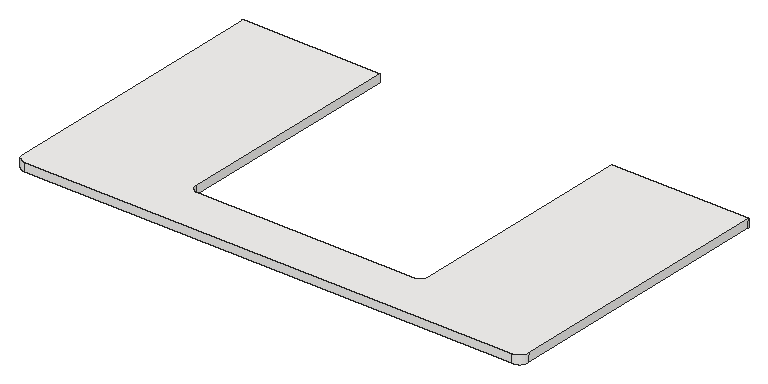
Revit family "console with cutout for countertop basin ground", category Furniture, Revit 2019 (continued)
Definition of nested family "console 1180_550 with cutout in the middle for countertop basin ground 500_480-54096630-dark_walnut-400_content"
  Parameters (values of type "Console 1180_550 with cutout in the middle for countertop basin ground 500_480-54096630-DARK_WALNUT-400_Content")
    ETIM = "EC011381 | Bathroom furniture set"
    Default Elevation = 1219.2 mm
    DESIGN = "Germany"
    ContentVisible [instance] = yes
    CATALOG = "Hansgrohe"
    BIMOBJECT = "Sanitary: Compound units "
    BASENUMBER = "Console 1180/550 with cutout in the middle for countertop basin ground 500/480"
    ARTNR = "54096630"
  Reference planes
    plane 1 "Center (Front/Back)": y = 0
    plane 2: z = 0
    plane 3 "Center (Left/Right)": x = 0
  Forms (mm)
    Extrusion 1, solid, visible <- "ContentVisible", detail levels medium+fine
      sketch origin (0, 0, 0) x (1, 0, 0) y (0, 1, 0)
        loop
          line (-590, -1.5) -> (-590, -532)
          arc (-590, -532) -> (-584.728, -544.728) -> (-572, -550) r 18
          line (-572, -550) -> (572, -550)
          arc (572, -550) -> (584.728, -544.728) -> (590, -532) r 18
          line (590, -532) -> (590, -1.5)
          arc (590, -1.5) -> (589.561, -0.439) -> (588.5, 0) r 1.5
          line (588.5, 0) -> (225, 0) -> (225, -444)
          arc (225, -444) -> (220.314, -455.314) -> (209, -460) r 16
          line (209, -460) -> (-209, -460)
          arc (-209, -460) -> (-220.314, -455.314) -> (-225, -444) r 16
          line (-225, -444) -> (-225, 0) -> (-588.5, 0)
          arc (-588.5, 0) -> (-589.561, -0.439) -> (-590, -1.5) r 1.5
      from 0 to 16
    Extrusion 2, solid, visible <- "ContentVisible", detail levels coarse
      sketch origin (0, -275, 0) x (1, 0, 0) y (0, 1, 0)
        loop
          line (-590, -275) -> (590, -275) -> (590, 275) -> (-590, 275) -> (-590, -275)
      from 0 to 16
  Dimensions and locks
    aligned and locked: level to plane 2
Definition of nested family "console 1180_550 with cutout in the middle for countertop basin ground 500_480-54096910-diamond_grey-200_content"
  Parameters (values of type "Console 1180_550 with cutout in the middle for countertop basin ground 500_480-54096910-DIAMOND_GREY-200_Content")
    WEIGHT = "12.3"
    UNSPSC = "56 | Furniture and Furnishings"
    UNIFORMATII = "E2010 | Fixed Furnishings"
    UNICLASS2015 = "Pr_40_20_76_94 | Vanity units"
    SURFACE = "DIAMOND_GREY"
    SPECIFICATION = "Surfaces:    - 54096050 High Gloss White  - 54096910 Diamond Matt Grey  - 54096230 Natural Oak  - 54096630 Dark Walnut      Specification:"
    REGIONSET = "Worldwide"
    PRODUCTURL = "https://pro.hansgrohe.com/articledetail--54096050"
    PRODUCTGROUP = "console"
    PRODUCTFAMILY = "Xelu Q"
    PERMALINK = "54096XXX"
    OMNICLASS = "23-19 31 17 11 | Bathroom Units"
    OBJECTTYPE = "Object (single object)"
    NN = "Console with cutout for countertop basin ground"
    NBSYN = "$BASENUMBER.-$ARTNR.-$SURFACE.-$LODLEVEL."
    NB = "Console 1180/550 with cutout in the middle for countertop basin ground 500/480-54096910-DIAMOND_GREY-200"
    NAME = "Xelu Q Console 1180/550 with cutout in the middle for countertop basin ground 500/480"
    Model = "Console 1180/550 with cutout in the middle for countertop basin ground 500/480-54096910-DIAMOND_GREY-200"
    Manufacturer = "Hansgrohe"
    MASTERFORMAT = "12 35 30.23 | Bathroom Casework"
    LODLEVEL = "200"
    LL = 590
    LINA = "Console 1180/550 with cutout in the middle for countertop basin ground 500/480-54096910-DIAMOND_GREY-200"
    L1 = 450
    L = 1180
    IFC = "Furnishing element"
    IDNR = 12
    GTINCODE = "4059625457054"
    ETIM = "EC011381 | Bathroom furniture set"
    Default Elevation = 1219.2 mm
    DESIGN = "Germany"
    ContentVisible [instance] = yes
    CATALOG = "Hansgrohe"
    BIMOBJECT = "Sanitary: Compound units "
    BASENUMBER = "Console 1180/550 with cutout in the middle for countertop basin ground 500/480"
    ARTNR = "54096910"
  Reference planes
    plane 1 "Center (Front/Back)": y = 0
    plane 2: z = 0
    plane 3 "Center (Left/Right)": x = 0
  Forms (mm)
    Extrusion 1, solid, visible <- "ContentVisible", detail levels medium+fine
      sketch origin (0, 0, 0) x (1, 0, 0) y (0, 1, 0)
        loop
          line (-590, 0) -> (-590, -550) -> (590, -550) -> (590, 0) -> (225, 0) -> (225, -460) -> (-225, -460) -> (-225, 0) -> (-590, 0)
      from 0 to 16
    Extrusion 2, solid, visible <- "ContentVisible", detail levels coarse
      sketch origin (0, -275, 0) x (1, 0, 0) y (0, 1, 0)
        loop
          line (-590, -275) -> (590, -275) -> (590, 275) -> (-590, 275) -> (-590, -275)
      from 0 to 16
  Dimensions and locks
    aligned and locked: level to plane 2
Definition of nested family "console 1180_550 with cutout in the middle for countertop basin ground 500_480-54096910-diamond_grey-400_content"
  Parameters (values of type "Console 1180_550 with cutout in the middle for countertop basin ground 500_480-54096910-DIAMOND_GREY-400_Content")
    WEIGHT = "12.3"
    UNSPSC = "56 | Furniture and Furnishings"
    UNIFORMATII = "E2010 | Fixed Furnishings"
    UNICLASS2015 = "Pr_40_20_76_94 | Vanity units"
    SURFACE = "DIAMOND_GREY"
    SPECIFICATION = "Surfaces:    - 54096050 High Gloss White  - 54096910 Diamond Matt Grey  - 54096230 Natural Oak  - 54096630 Dark Walnut      Specification:"
    REGIONSET = "Worldwide"
    PRODUCTURL = "https://pro.hansgrohe.com/articledetail--54096050"
    PRODUCTGROUP = "console"
    PRODUCTFAMILY = "Xelu Q"
    PERMALINK = "54096XXX"
    OMNICLASS = "23-19 31 17 11 | Bathroom Units"
    OBJECTTYPE = "Object (single object)"
    NN = "Console with cutout for countertop basin ground"
    NBSYN = "$BASENUMBER.-$ARTNR.-$SURFACE.-$LODLEVEL."
    NB = "Console 1180/550 with cutout in the middle for countertop basin ground 500/480-54096910-DIAMOND_GREY-400"
    NAME = "Xelu Q Console 1180/550 with cutout in the middle for countertop basin ground 500/480"
    Model = "Console 1180/550 with cutout in the middle for countertop basin ground 500/480-54096910-DIAMOND_GREY-400"
    Manufacturer = "Hansgrohe"
    MASTERFORMAT = "12 35 30.23 | Bathroom Casework"
    LODLEVEL = "400"
    LL = 590
    LINA = "Console 1180/550 with cutout in the middle for countertop basin ground 500/480-54096910-DIAMOND_GREY-400"
    L1 = 450
    L = 1180
    IFC = "Furnishing element"
    IDNR = 12
    GTINCODE = "4059625457054"
    ETIM = "EC011381 | Bathroom furniture set"
    Default Elevation = 1219.2 mm
    DESIGN = "Germany"
    ContentVisible [instance] = yes
    CATALOG = "Hansgrohe"
    BIMOBJECT = "Sanitary: Compound units "
    BASENUMBER = "Console 1180/550 with cutout in the middle for countertop basin ground 500/480"
    ARTNR = "54096910"
  Reference planes
    plane 1 "Center (Front/Back)": y = 0
    plane 2: z = 0
    plane 3 "Center (Left/Right)": x = 0
  Forms (mm)
    Extrusion 1, solid, visible <- "ContentVisible", detail levels medium+fine
      sketch origin (0, 0, 0) x (1, 0, 0) y (0, 1, 0)
        loop
          line (-590, -1.5) -> (-590, -532)
          arc (-590, -532) -> (-584.728, -544.728) -> (-572, -550) r 18
          line (-572, -550) -> (572, -550)
          arc (572, -550) -> (584.728, -544.728) -> (590, -532) r 18
          line (590, -532) -> (590, -1.5)
          arc (590, -1.5) -> (589.561, -0.439) -> (588.5, 0) r 1.5
          line (588.5, 0) -> (225, 0) -> (225, -444)
          arc (225, -444) -> (220.314, -455.314) -> (209, -460) r 16
          line (209, -460) -> (-209, -460)
          arc (-209, -460) -> (-220.314, -455.314) -> (-225, -444) r 16
          line (-225, -444) -> (-225, 0) -> (-588.5, 0)
          arc (-588.5, 0) -> (-589.561, -0.439) -> (-590, -1.5) r 1.5
      from 0 to 16
    Extrusion 2, solid, visible <- "ContentVisible", detail levels coarse
      sketch origin (0, -275, 0) x (1, 0, 0) y (0, 1, 0)
        loop
          line (-590, -275) -> (590, -275) -> (590, 275) -> (-590, 275) -> (-590, -275)
      from 0 to 16
  Dimensions and locks
    aligned and locked: level to plane 2
Definition of nested family "console 1180_550 with cutout in the middle for countertop basin ground 600_480-54111050-glossy_white-200_content"
  Parameters (values of type "Console 1180_550 with cutout in the middle for countertop basin ground 600_480-54111050-GLOSSY_WHITE-200_Content")
    WEIGHT = "12.3"
    UNSPSC = "56 | Furniture and Furnishings"
    UNIFORMATII = "E2010 | Fixed Furnishings"
    UNICLASS2015 = "Pr_40_20_76_94 | Vanity units"
    SURFACE = "GLOSSY_WHITE"
    SPECIFICATION = "Surfaces:    - 54111050 High Gloss White  - 54111910 Diamond Matt Grey  - 54111230 Natural Oak  - 54111630 Dark Walnut      Specification:"
    REGIONSET = "Worldwide"
    PRODUCTURL = "https://pro.hansgrohe.com/articledetail--54111050"
    PRODUCTGROUP = "console"
    PRODUCTFAMILY = "Xelu Q"
    PERMALINK = "54111XXX"
    OMNICLASS = "23-19 31 17 11 | Bathroom Units"
    OBJECTTYPE = "Object (single object)"
    NN = "Console with cutout for countertop basin ground"
    NBSYN = "$BASENUMBER.-$ARTNR.-$SURFACE.-$LODLEVEL."
    NB = "Console 1180/550 with cutout in the middle for countertop basin ground 600/480-54111050-GLOSSY_WHITE-200"
    NAME = "Xelu Q Console 1180/550 with cutout in the middle for countertop basin ground 600/480"
    Model = "Console 1180/550 with cutout in the middle for countertop basin ground 600/480-54111050-GLOSSY_WHITE-200"
    Manufacturer = "Hansgrohe"
    MASTERFORMAT = "12 35 30.23 | Bathroom Casework"
    LODLEVEL = "200"
    LL = 590
    LINA = "Console 1180/550 with cutout in the middle for countertop basin ground 600/480-54111050-GLOSSY_WHITE-200"
    L1 = 550
    L = 1180
    IFC = "Furnishing element"
    IDNR = 29
    GTINCODE = "4059625457610"
    ETIM = "EC011381 | Bathroom furniture set"
    Default Elevation = 1219.2 mm
    DESIGN = "Germany"
    ContentVisible [instance] = yes
    CATALOG = "Hansgrohe"
    BIMOBJECT = "Sanitary: Compound units "
    BASENUMBER = "Console 1180/550 with cutout in the middle for countertop basin ground 600/480"
    ARTNR = "54111050"
  Reference planes
    plane 1 "Center (Front/Back)": y = 0
    plane 2: z = 0
    plane 3 "Center (Left/Right)": x = 0
  Forms (mm)
    Extrusion 1, solid, visible <- "ContentVisible", detail levels medium+fine
      sketch origin (0, 0, 0) x (1, 0, 0) y (0, 1, 0)
        loop
          line (-590, 0) -> (-590, -550) -> (590, -550) -> (590, 0) -> (275, 0) -> (275, -460) -> (-275, -460) -> (-275, 0) -> (-590, 0)
      from 0 to 16
    Extrusion 2, solid, visible <- "ContentVisible", detail levels coarse
      sketch origin (0, -275, 0) x (1, 0, 0) y (0, 1, 0)
        loop
          line (-590, -275) -> (590, -275) -> (590, 275) -> (-590, 275) -> (-590, -275)
      from 0 to 16
  Dimensions and locks
    aligned and locked: level to plane 2
Definition of nested family "console 1180_550 with cutout in the middle for countertop basin ground 600_480-54111050-glossy_white-400_content"
  Parameters (values of type "Console 1180_550 with cutout in the middle for countertop basin ground 600_480-54111050-GLOSSY_WHITE-400_Content")
    WEIGHT = "12.3"
    UNSPSC = "56 | Furniture and Furnishings"
    UNIFORMATII = "E2010 | Fixed Furnishings"
    UNICLASS2015 = "Pr_40_20_76_94 | Vanity units"
    SURFACE = "GLOSSY_WHITE"
    SPECIFICATION = "Surfaces:    - 54111050 High Gloss White  - 54111910 Diamond Matt Grey  - 54111230 Natural Oak  - 54111630 Dark Walnut      Specification:"
    REGIONSET = "Worldwide"
    PRODUCTURL = "https://pro.hansgrohe.com/articledetail--54111050"
    PRODUCTGROUP = "console"
    PRODUCTFAMILY = "Xelu Q"
    PERMALINK = "54111XXX"
    OMNICLASS = "23-19 31 17 11 | Bathroom Units"
    OBJECTTYPE = "Object (single object)"
    NN = "Console with cutout for countertop basin ground"
    NBSYN = "$BASENUMBER.-$ARTNR.-$SURFACE.-$LODLEVEL."
    NB = "Console 1180/550 with cutout in the middle for countertop basin ground 600/480-54111050-GLOSSY_WHITE-400"
    NAME = "Xelu Q Console 1180/550 with cutout in the middle for countertop basin ground 600/480"
    Model = "Console 1180/550 with cutout in the middle for countertop basin ground 600/480-54111050-GLOSSY_WHITE-400"
    Manufacturer = "Hansgrohe"
    MASTERFORMAT = "12 35 30.23 | Bathroom Casework"
    LODLEVEL = "400"
    LL = 590
    LINA = "Console 1180/550 with cutout in the middle for countertop basin ground 600/480-54111050-GLOSSY_WHITE-400"
    L1 = 550
    L = 1180
    IFC = "Furnishing element"
    IDNR = 29
    GTINCODE = "4059625457610"
    ETIM = "EC011381 | Bathroom furniture set"
    Default Elevation = 1219.2 mm
    DESIGN = "Germany"
    ContentVisible [instance] = yes
    CATALOG = "Hansgrohe"
    BIMOBJECT = "Sanitary: Compound units "
    BASENUMBER = "Console 1180/550 with cutout in the middle for countertop basin ground 600/480"
    ARTNR = "54111050"
  Reference planes
    plane 1 "Center (Front/Back)": y = 0
    plane 2: z = 0
    plane 3 "Center (Left/Right)": x = 0
  Forms (mm)
    Extrusion 1, solid, visible <- "ContentVisible", detail levels medium+fine
      sketch origin (0, 0, 0) x (1, 0, 0) y (0, 1, 0)
        loop
          line (-590, -1.5) -> (-590, -532)
          arc (-590, -532) -> (-584.728, -544.728) -> (-572, -550) r 18
          line (-572, -550) -> (572, -550)
          arc (572, -550) -> (584.728, -544.728) -> (590, -532) r 18
          line (590, -532) -> (590, -1.5)
          arc (590, -1.5) -> (589.561, -0.439) -> (588.5, 0) r 1.5
          line (588.5, 0) -> (275, 0) -> (275, -444)
          arc (275, -444) -> (270.314, -455.314) -> (259, -460) r 16
          line (259, -460) -> (-259, -460)
          arc (-259, -460) -> (-270.314, -455.314) -> (-275, -444) r 16
          line (-275, -444) -> (-275, 0) -> (-588.5, 0)
          arc (-588.5, 0) -> (-589.561, -0.439) -> (-590, -1.5) r 1.5
      from 0 to 16
    Extrusion 2, solid, visible <- "ContentVisible", detail levels coarse
      sketch origin (0, -275, 0) x (1, 0, 0) y (0, 1, 0)
        loop
          line (-590, -275) -> (590, -275) -> (590, 275) -> (-590, 275) -> (-590, -275)
      from 0 to 16
  Dimensions and locks
    aligned and locked: level to plane 2
Definition of nested family "console 1180_550 with cutout in the middle for countertop basin ground 600_480-54111230-natural_oak-200_content"
  Parameters (values of type "Console 1180_550 with cutout in the middle for countertop basin ground 600_480-54111230-NATURAL_OAK-200_Content")
    WEIGHT = "12.3"
    UNSPSC = "56 | Furniture and Furnishings"
    UNIFORMATII = "E2010 | Fixed Furnishings"
    UNICLASS2015 = "Pr_40_20_76_94 | Vanity units"
    SURFACE = "NATURAL_OAK"
    SPECIFICATION = "Surfaces:    - 54111050 High Gloss White  - 54111910 Diamond Matt Grey  - 54111230 Natural Oak  - 54111630 Dark Walnut      Specification:"
    REGIONSET = "Worldwide"
    PRODUCTURL = "https://pro.hansgrohe.com/articledetail--54111050"
    PRODUCTGROUP = "console"
    PRODUCTFAMILY = "Xelu Q"
    PERMALINK = "54111XXX"
    OMNICLASS = "23-19 31 17 11 | Bathroom Units"
    OBJECTTYPE = "Object (single object)"
    NN = "Console with cutout for countertop basin ground"
    NBSYN = "$BASENUMBER.-$ARTNR.-$SURFACE.-$LODLEVEL."
    NB = "Console 1180/550 with cutout in the middle for countertop basin ground 600/480-54111230-NATURAL_OAK-200"
    NAME = "Xelu Q Console 1180/550 with cutout in the middle for countertop basin ground 600/480"
    Model = "Console 1180/550 with cutout in the middle for countertop basin ground 600/480-54111230-NATURAL_OAK-200"
    Manufacturer = "Hansgrohe"
    MASTERFORMAT = "12 35 30.23 | Bathroom Casework"
    LODLEVEL = "200"
    LL = 590
    LINA = "Console 1180/550 with cutout in the middle for countertop basin ground 600/480-54111230-NATURAL_OAK-200"
    L1 = 550
    L = 1180
    IFC = "Furnishing element"
    IDNR = 30
    GTINCODE = "4059625457610"
    ETIM = "EC011381 | Bathroom furniture set"
    Default Elevation = 1219.2 mm
    DESIGN = "Germany"
    ContentVisible [instance] = yes
    CATALOG = "Hansgrohe"
    BIMOBJECT = "Sanitary: Compound units "
    BASENUMBER = "Console 1180/550 with cutout in the middle for countertop basin ground 600/480"
    ARTNR = "54111230"
  Reference planes
    plane 1 "Center (Front/Back)": y = 0
    plane 2: z = 0
    plane 3 "Center (Left/Right)": x = 0
  Forms (mm)
    Extrusion 1, solid, visible <- "ContentVisible", detail levels medium+fine
      sketch origin (0, 0, 0) x (1, 0, 0) y (0, 1, 0)
        loop
          line (-590, 0) -> (-590, -550) -> (590, -550) -> (590, 0) -> (275, 0) -> (275, -460) -> (-275, -460) -> (-275, 0) -> (-590, 0)
      from 0 to 16
    Extrusion 2, solid, visible <- "ContentVisible", detail levels coarse
      sketch origin (0, -275, 0) x (1, 0, 0) y (0, 1, 0)
        loop
          line (-590, -275) -> (590, -275) -> (590, 275) -> (-590, 275) -> (-590, -275)
      from 0 to 16
  Dimensions and locks
    aligned and locked: level to plane 2
Definition of nested family "console 1180_550 with cutout in the middle for countertop basin ground 600_480-54111230-natural_oak-400_content"
  Parameters (values of type "Console 1180_550 with cutout in the middle for countertop basin ground 600_480-54111230-NATURAL_OAK-400_Content")
    WEIGHT = "12.3"
    UNSPSC = "56 | Furniture and Furnishings"
    UNIFORMATII = "E2010 | Fixed Furnishings"
    UNICLASS2015 = "Pr_40_20_76_94 | Vanity units"
    SURFACE = "NATURAL_OAK"
    SPECIFICATION = "Surfaces:    - 54111050 High Gloss White  - 54111910 Diamond Matt Grey  - 54111230 Natural Oak  - 54111630 Dark Walnut      Specification:"
    REGIONSET = "Worldwide"
    PRODUCTURL = "https://pro.hansgrohe.com/articledetail--54111050"
    PRODUCTGROUP = "console"
    PRODUCTFAMILY = "Xelu Q"
    PERMALINK = "54111XXX"
    OMNICLASS = "23-19 31 17 11 | Bathroom Units"
    OBJECTTYPE = "Object (single object)"
    NN = "Console with cutout for countertop basin ground"
    NBSYN = "$BASENUMBER.-$ARTNR.-$SURFACE.-$LODLEVEL."
    NB = "Console 1180/550 with cutout in the middle for countertop basin ground 600/480-54111230-NATURAL_OAK-400"
    NAME = "Xelu Q Console 1180/550 with cutout in the middle for countertop basin ground 600/480"
    Model = "Console 1180/550 with cutout in the middle for countertop basin ground 600/480-54111230-NATURAL_OAK-400"
    Manufacturer = "Hansgrohe"
    MASTERFORMAT = "12 35 30.23 | Bathroom Casework"
    LODLEVEL = "400"
    LL = 590
    LINA = "Console 1180/550 with cutout in the middle for countertop basin ground 600/480-54111230-NATURAL_OAK-400"
    L1 = 550
    L = 1180
    IFC = "Furnishing element"
    IDNR = 30
    GTINCODE = "4059625457610"
    ETIM = "EC011381 | Bathroom furniture set"
    Default Elevation = 1219.2 mm
    DESIGN = "Germany"
    ContentVisible [instance] = yes
    CATALOG = "Hansgrohe"
    BIMOBJECT = "Sanitary: Compound units "
    BASENUMBER = "Console 1180/550 with cutout in the middle for countertop basin ground 600/480"
    ARTNR = "54111230"
  Reference planes
    plane 1 "Center (Front/Back)": y = 0
    plane 2: z = 0
    plane 3 "Center (Left/Right)": x = 0
  Forms (mm)
    Extrusion 1, solid, visible <- "ContentVisible", detail levels medium+fine
      sketch origin (0, 0, 0) x (1, 0, 0) y (0, 1, 0)
        loop
          line (-590, -1.5) -> (-590, -532)
          arc (-590, -532) -> (-584.728, -544.728) -> (-572, -550) r 18
          line (-572, -550) -> (572, -550)
          arc (572, -550) -> (584.728, -544.728) -> (590, -532) r 18
          line (590, -532) -> (590, -1.5)
          arc (590, -1.5) -> (589.561, -0.439) -> (588.5, 0) r 1.5
          line (588.5, 0) -> (275, 0) -> (275, -444)
          arc (275, -444) -> (270.314, -455.314) -> (259, -460) r 16
          line (259, -460) -> (-259, -460)
          arc (-259, -460) -> (-270.314, -455.314) -> (-275, -444) r 16
          line (-275, -444) -> (-275, 0) -> (-588.5, 0)
          arc (-588.5, 0) -> (-589.561, -0.439) -> (-590, -1.5) r 1.5
      from 0 to 16
    Extrusion 2, solid, visible <- "ContentVisible", detail levels coarse
      sketch origin (0, -275, 0) x (1, 0, 0) y (0, 1, 0)
        loop
          line (-590, -275) -> (590, -275) -> (590, 275) -> (-590, 275) -> (-590, -275)
      from 0 to 16
  Dimensions and locks
    aligned and locked: level to plane 2
Definition of nested family "console 1180_550 with cutout in the middle for countertop basin ground 600_480-54111630-dark_walnut-200_content"
  Parameters (values of type "Console 1180_550 with cutout in the middle for countertop basin ground 600_480-54111630-DARK_WALNUT-200_Content")
    WEIGHT = "12.3"
    UNSPSC = "56 | Furniture and Furnishings"
    UNIFORMATII = "E2010 | Fixed Furnishings"
    UNICLASS2015 = "Pr_40_20_76_94 | Vanity units"
    SURFACE = "DARK_WALNUT"
    SPECIFICATION = "Surfaces:    - 54111050 High Gloss White  - 54111910 Diamond Matt Grey  - 54111230 Natural Oak  - 54111630 Dark Walnut      Specification:"
    REGIONSET = "Worldwide"
    PRODUCTURL = "https://pro.hansgrohe.com/articledetail--54111050"
    PRODUCTGROUP = "console"
    PRODUCTFAMILY = "Xelu Q"
    PERMALINK = "54111XXX"
    OMNICLASS = "23-19 31 17 11 | Bathroom Units"
    OBJECTTYPE = "Object (single object)"
    NN = "Console with cutout for countertop basin ground"
    NBSYN = "$BASENUMBER.-$ARTNR.-$SURFACE.-$LODLEVEL."
    NB = "Console 1180/550 with cutout in the middle for countertop basin ground 600/480-54111630-DARK_WALNUT-200"
    NAME = "Xelu Q Console 1180/550 with cutout in the middle for countertop basin ground 600/480"
    Model = "Console 1180/550 with cutout in the middle for countertop basin ground 600/480-54111630-DARK_WALNUT-200"
    Manufacturer = "Hansgrohe"
    MASTERFORMAT = "12 35 30.23 | Bathroom Casework"
    LODLEVEL = "200"
    LL = 590
    LINA = "Console 1180/550 with cutout in the middle for countertop basin ground 600/480-54111630-DARK_WALNUT-200"
    L1 = 550
    L = 1180
    IFC = "Furnishing element"
    IDNR = 31
    GTINCODE = "4059625457610"
    ETIM = "EC011381 | Bathroom furniture set"
    Default Elevation = 1219.2 mm
    DESIGN = "Germany"
    ContentVisible [instance] = yes
    CATALOG = "Hansgrohe"
    BIMOBJECT = "Sanitary: Compound units "
    BASENUMBER = "Console 1180/550 with cutout in the middle for countertop basin ground 600/480"
    ARTNR = "54111630"
  Reference planes
    plane 1 "Center (Front/Back)": y = 0
    plane 2: z = 0
    plane 3 "Center (Left/Right)": x = 0
  Forms (mm)
    Extrusion 1, solid, visible <- "ContentVisible", detail levels medium+fine
      sketch origin (0, 0, 0) x (1, 0, 0) y (0, 1, 0)
        loop
          line (-590, 0) -> (-590, -550) -> (590, -550) -> (590, 0) -> (275, 0) -> (275, -460) -> (-275, -460) -> (-275, 0) -> (-590, 0)
      from 0 to 16
    Extrusion 2, solid, visible <- "ContentVisible", detail levels coarse
      sketch origin (0, -275, 0) x (1, 0, 0) y (0, 1, 0)
        loop
          line (-590, -275) -> (590, -275) -> (590, 275) -> (-590, 275) -> (-590, -275)
      from 0 to 16
  Dimensions and locks
    aligned and locked: level to plane 2
Definition of nested family "console 1180_550 with cutout in the middle for countertop basin ground 600_480-54111630-dark_walnut-400_content"
  Parameters (values of type "Console 1180_550 with cutout in the middle for countertop basin ground 600_480-54111630-DARK_WALNUT-400_Content")
    WEIGHT = "12.3"
    UNSPSC = "56 | Furniture and Furnishings"
    UNIFORMATII = "E2010 | Fixed Furnishings"
    UNICLASS2015 = "Pr_40_20_76_94 | Vanity units"
    SURFACE = "DARK_WALNUT"
    SPECIFICATION = "Surfaces:    - 54111050 High Gloss White  - 54111910 Diamond Matt Grey  - 54111230 Natural Oak  - 54111630 Dark Walnut      Specification:"
    REGIONSET = "Worldwide"
    PRODUCTURL = "https://pro.hansgrohe.com/articledetail--54111050"
    PRODUCTGROUP = "console"
    PRODUCTFAMILY = "Xelu Q"
    PERMALINK = "54111XXX"
    OMNICLASS = "23-19 31 17 11 | Bathroom Units"
    OBJECTTYPE = "Object (single object)"
    NN = "Console with cutout for countertop basin ground"
    NBSYN = "$BASENUMBER.-$ARTNR.-$SURFACE.-$LODLEVEL."
    NB = "Console 1180/550 with cutout in the middle for countertop basin ground 600/480-54111630-DARK_WALNUT-400"
    NAME = "Xelu Q Console 1180/550 with cutout in the middle for countertop basin ground 600/480"
    Model = "Console 1180/550 with cutout in the middle for countertop basin ground 600/480-54111630-DARK_WALNUT-400"
    Manufacturer = "Hansgrohe"
    MASTERFORMAT = "12 35 30.23 | Bathroom Casework"
    LODLEVEL = "400"
    LL = 590
    LINA = "Console 1180/550 with cutout in the middle for countertop basin ground 600/480-54111630-DARK_WALNUT-400"
    L1 = 550
    L = 1180
    IFC = "Furnishing element"
    IDNR = 31
    GTINCODE = "4059625457610"
    ETIM = "EC011381 | Bathroom furniture set"
    Default Elevation = 1219.2 mm
    DESIGN = "Germany"
    ContentVisible [instance] = yes
    CATALOG = "Hansgrohe"
    BIMOBJECT = "Sanitary: Compound units "
    BASENUMBER = "Console 1180/550 with cutout in the middle for countertop basin ground 600/480"
    ARTNR = "54111630"
  Reference planes
    plane 1 "Center (Front/Back)": y = 0
    plane 2: z = 0
    plane 3 "Center (Left/Right)": x = 0
  Forms (mm)
    Extrusion 1, solid, visible <- "ContentVisible", detail levels medium+fine
      sketch origin (0, 0, 0) x (1, 0, 0) y (0, 1, 0)
        loop
          line (-590, -1.5) -> (-590, -532)
          arc (-590, -532) -> (-584.728, -544.728) -> (-572, -550) r 18
          line (-572, -550) -> (572, -550)
          arc (572, -550) -> (584.728, -544.728) -> (590, -532) r 18
          line (590, -532) -> (590, -1.5)
          arc (590, -1.5) -> (589.561, -0.439) -> (588.5, 0) r 1.5
          line (588.5, 0) -> (275, 0) -> (275, -444)
          arc (275, -444) -> (270.314, -455.314) -> (259, -460) r 16
          line (259, -460) -> (-259, -460)
          arc (-259, -460) -> (-270.314, -455.314) -> (-275, -444) r 16
          line (-275, -444) -> (-275, 0) -> (-588.5, 0)
          arc (-588.5, 0) -> (-589.561, -0.439) -> (-590, -1.5) r 1.5
      from 0 to 16
    Extrusion 2, solid, visible <- "ContentVisible", detail levels coarse
      sketch origin (0, -275, 0) x (1, 0, 0) y (0, 1, 0)
        loop
          line (-590, -275) -> (590, -275) -> (590, 275) -> (-590, 275) -> (-590, -275)
      from 0 to 16
  Dimensions and locks
    aligned and locked: level to plane 2
Definition of nested family "console 1180_550 with cutout in the middle for countertop basin ground 600_480-54111910-diamond_grey-200_content"
  Parameters (values of type "Console 1180_550 with cutout in the middle for countertop basin ground 600_480-54111910-DIAMOND_GREY-200_Content")
    WEIGHT = "12.3"
    UNSPSC = "56 | Furniture and Furnishings"
    UNIFORMATII = "E2010 | Fixed Furnishings"
    UNICLASS2015 = "Pr_40_20_76_94 | Vanity units"
    SURFACE = "DIAMOND_GREY"
    SPECIFICATION = "Surfaces:    - 54111050 High Gloss White  - 54111910 Diamond Matt Grey  - 54111230 Natural Oak  - 54111630 Dark Walnut      Specification:"
    REGIONSET = "Worldwide"
    PRODUCTURL = "https://pro.hansgrohe.com/articledetail--54111050"
    PRODUCTGROUP = "console"
    PRODUCTFAMILY = "Xelu Q"
    PERMALINK = "54111XXX"
    OMNICLASS = "23-19 31 17 11 | Bathroom Units"
    OBJECTTYPE = "Object (single object)"
    NN = "Console with cutout for countertop basin ground"
    NBSYN = "$BASENUMBER.-$ARTNR.-$SURFACE.-$LODLEVEL."
    NB = "Console 1180/550 with cutout in the middle for countertop basin ground 600/480-54111910-DIAMOND_GREY-200"
    NAME = "Xelu Q Console 1180/550 with cutout in the middle for countertop basin ground 600/480"
    Model = "Console 1180/550 with cutout in the middle for countertop basin ground 600/480-54111910-DIAMOND_GREY-200"
    Manufacturer = "Hansgrohe"
    MASTERFORMAT = "12 35 30.23 | Bathroom Casework"
    LODLEVEL = "200"
    LL = 590
    LINA = "Console 1180/550 with cutout in the middle for countertop basin ground 600/480-54111910-DIAMOND_GREY-200"
    L1 = 550
    L = 1180
    IFC = "Furnishing element"
    IDNR = 32
    GTINCODE = "4059625457610"
    ETIM = "EC011381 | Bathroom furniture set"
    Default Elevation = 1219.2 mm
    DESIGN = "Germany"
    ContentVisible [instance] = yes
    CATALOG = "Hansgrohe"
    BIMOBJECT = "Sanitary: Compound units "
    BASENUMBER = "Console 1180/550 with cutout in the middle for countertop basin ground 600/480"
    ARTNR = "54111910"
  Reference planes
    plane 1 "Center (Front/Back)": y = 0
    plane 2: z = 0
    plane 3 "Center (Left/Right)": x = 0
  Forms (mm)
    Extrusion 1, solid, visible <- "ContentVisible", detail levels medium+fine
      sketch origin (0, 0, 0) x (1, 0, 0) y (0, 1, 0)
        loop
          line (-590, 0) -> (-590, -550) -> (590, -550) -> (590, 0) -> (275, 0) -> (275, -460) -> (-275, -460) -> (-275, 0) -> (-590, 0)
      from 0 to 16
    Extrusion 2, solid, visible <- "ContentVisible", detail levels coarse
      sketch origin (0, -275, 0) x (1, 0, 0) y (0, 1, 0)
        loop
          line (-590, -275) -> (590, -275) -> (590, 275) -> (-590, 275) -> (-590, -275)
      from 0 to 16
  Dimensions and locks
    aligned and locked: level to plane 2
Definition of nested family "console 1180_550 with cutout in the middle for countertop basin ground 600_480-54111910-diamond_grey-400_content"
  Parameters (values of type "Console 1180_550 with cutout in the middle for countertop basin ground 600_480-54111910-DIAMOND_GREY-400_Content")
    WEIGHT = "12.3"
    UNSPSC = "56 | Furniture and Furnishings"
    UNIFORMATII = "E2010 | Fixed Furnishings"
    UNICLASS2015 = "Pr_40_20_76_94 | Vanity units"
    SURFACE = "DIAMOND_GREY"
    SPECIFICATION = "Surfaces:    - 54111050 High Gloss White  - 54111910 Diamond Matt Grey  - 54111230 Natural Oak  - 54111630 Dark Walnut      Specification:"
    REGIONSET = "Worldwide"
    PRODUCTURL = "https://pro.hansgrohe.com/articledetail--54111050"
    PRODUCTGROUP = "console"
    PRODUCTFAMILY = "Xelu Q"
    PERMALINK = "54111XXX"
    OMNICLASS = "23-19 31 17 11 | Bathroom Units"
    OBJECTTYPE = "Object (single object)"
    NN = "Console with cutout for countertop basin ground"
    NBSYN = "$BASENUMBER.-$ARTNR.-$SURFACE.-$LODLEVEL."
    NB = "Console 1180/550 with cutout in the middle for countertop basin ground 600/480-54111910-DIAMOND_GREY-400"
    NAME = "Xelu Q Console 1180/550 with cutout in the middle for countertop basin ground 600/480"
    Model = "Console 1180/550 with cutout in the middle for countertop basin ground 600/480-54111910-DIAMOND_GREY-400"
    Manufacturer = "Hansgrohe"
    MASTERFORMAT = "12 35 30.23 | Bathroom Casework"
    LODLEVEL = "400"
    LL = 590
    LINA = "Console 1180/550 with cutout in the middle for countertop basin ground 600/480-54111910-DIAMOND_GREY-400"
    L1 = 550
    L = 1180
    IFC = "Furnishing element"
    IDNR = 32
    GTINCODE = "4059625457610"
    ETIM = "EC011381 | Bathroom furniture set"
    Default Elevation = 1219.2 mm
    DESIGN = "Germany"
    ContentVisible [instance] = yes
    CATALOG = "Hansgrohe"
    BIMOBJECT = "Sanitary: Compound units "
    BASENUMBER = "Console 1180/550 with cutout in the middle for countertop basin ground 600/480"
    ARTNR = "54111910"
  Reference planes
    plane 1 "Center (Front/Back)": y = 0
    plane 2: z = 0
    plane 3 "Center (Left/Right)": x = 0
  Forms (mm)
    Extrusion 1, solid, visible <- "ContentVisible", detail levels medium+fine
      sketch origin (0, 0, 0) x (1, 0, 0) y (0, 1, 0)
        loop
          line (-590, -1.5) -> (-590, -532)
          arc (-590, -532) -> (-584.728, -544.728) -> (-572, -550) r 18
          line (-572, -550) -> (572, -550)
          arc (572, -550) -> (584.728, -544.728) -> (590, -532) r 18
          line (590, -532) -> (590, -1.5)
          arc (590, -1.5) -> (589.561, -0.439) -> (588.5, 0) r 1.5
          line (588.5, 0) -> (275, 0) -> (275, -444)
          arc (275, -444) -> (270.314, -455.314) -> (259, -460) r 16
          line (259, -460) -> (-259, -460)
          arc (-259, -460) -> (-270.314, -455.314) -> (-275, -444) r 16
          line (-275, -444) -> (-275, 0) -> (-588.5, 0)
          arc (-588.5, 0) -> (-589.561, -0.439) -> (-590, -1.5) r 1.5
      from 0 to 16
    Extrusion 2, solid, visible <- "ContentVisible", detail levels coarse
      sketch origin (0, -275, 0) x (1, 0, 0) y (0, 1, 0)
        loop
          line (-590, -275) -> (590, -275) -> (590, 275) -> (-590, 275) -> (-590, -275)
      from 0 to 16
  Dimensions and locks
    aligned and locked: level to plane 2
Definition of nested family "console 1360_550 with cutout left for countertop basin ground 500_480-54097050-glossy_white-200_content"
  Parameters (values of type "Console 1360_550 with cutout left for countertop basin ground 500_480-54097050-GLOSSY_WHITE-200_Content")
    WEIGHT = "10"
    UNSPSC = "56 | Furniture and Furnishings"
    UNIFORMATII = "E2010 | Fixed Furnishings"
    UNICLASS2015 = "Pr_40_20_76_94 | Vanity units"
    SURFACE = "GLOSSY_WHITE"
    SPECIFICATION = "Surfaces:    - 54097050 High Gloss White  - 54097910 Diamond Matt Grey  - 54097230 Natural Oak  - 54097630 Dark Walnut      Specification:"
    REGIONSET = "Worldwide"
    PRODUCTURL = "https://pro.hansgrohe.com/articledetail--54097050"
    PRODUCTGROUP = "console"
    PRODUCTFAMILY = "Xelu Q"
    PERMALINK = "54097XXX"
    OMNICLASS = "23-19 31 17 11 | Bathroom Units"
    OBJECTTYPE = "Object (single object)"
    NN = "Console with cutout for countertop basin ground"
    NBSYN = "$BASENUMBER.-$ARTNR.-$SURFACE.-$LODLEVEL."
    NB = "Console 1360/550 with cutout left for countertop basin ground 500/480-54097050-GLOSSY_WHITE-200"
    NAME = "Xelu Q Console 1360/550 with cutout left for countertop basin ground 500/480"
    Model = "Console 1360/550 with cutout left for countertop basin ground 500/480-54097050-GLOSSY_WHITE-200"
    Manufacturer = "Hansgrohe"
    MASTERFORMAT = "12 35 30.23 | Bathroom Casework"
    LODLEVEL = "200"
    LL = 340
    LINA = "Console 1360/550 with cutout left for countertop basin ground 500/480-54097050-GLOSSY_WHITE-200"
    L1 = 450
    L = 1360
    IFC = "Furnishing element"
    IDNR = 13
    GTINCODE = "4059625457412"
    ETIM = "EC011381 | Bathroom furniture set"
    Default Elevation = 1219.2 mm
    DESIGN = "Germany"
    ContentVisible [instance] = yes
    CATALOG = "Hansgrohe"
    BIMOBJECT = "Sanitary: Compound units "
    BASENUMBER = "Console 1360/550 with cutout left for countertop basin ground 500/480"
    ARTNR = "54097050"
  Reference planes
    plane 1 "Center (Front/Back)": y = 0
    plane 2: z = 0
    plane 3 "Center (Left/Right)": x = 0
  Forms (mm)
    Extrusion 1, solid, visible <- "ContentVisible", detail levels medium+fine
      sketch origin (0, 0, 0) x (1, 0, 0) y (0, 1, 0)
        loop
          line (-340, 0) -> (-340, -550) -> (1020, -550) -> (1020, 0) -> (225, 0) -> (225, -460) -> (-225, -460) -> (-225, 0) -> (-340, 0)
      from 0 to 16
    Extrusion 2, solid, visible <- "ContentVisible", detail levels coarse
      sketch origin (340, -275, 0) x (1, 0, 0) y (0, 1, 0)
        loop
          line (-680, -275) -> (680, -275) -> (680, 275) -> (-680, 275) -> (-680, -275)
      from 0 to 16
  Dimensions and locks
    aligned and locked: level to plane 2
Definition of nested family "console 1360_550 with cutout left for countertop basin ground 500_480-54097050-glossy_white-400_content"
  Parameters (values of type "Console 1360_550 with cutout left for countertop basin ground 500_480-54097050-GLOSSY_WHITE-400_Content")
    WEIGHT = "10"
    UNSPSC = "56 | Furniture and Furnishings"
    UNIFORMATII = "E2010 | Fixed Furnishings"
    UNICLASS2015 = "Pr_40_20_76_94 | Vanity units"
    SURFACE = "GLOSSY_WHITE"
    SPECIFICATION = "Surfaces:    - 54097050 High Gloss White  - 54097910 Diamond Matt Grey  - 54097230 Natural Oak  - 54097630 Dark Walnut      Specification:"
    REGIONSET = "Worldwide"
    PRODUCTURL = "https://pro.hansgrohe.com/articledetail--54097050"
    PRODUCTGROUP = "console"
    PRODUCTFAMILY = "Xelu Q"
    PERMALINK = "54097XXX"
    OMNICLASS = "23-19 31 17 11 | Bathroom Units"
    OBJECTTYPE = "Object (single object)"
    NN = "Console with cutout for countertop basin ground"
    NBSYN = "$BASENUMBER.-$ARTNR.-$SURFACE.-$LODLEVEL."
    NB = "Console 1360/550 with cutout left for countertop basin ground 500/480-54097050-GLOSSY_WHITE-400"
    NAME = "Xelu Q Console 1360/550 with cutout left for countertop basin ground 500/480"
    Model = "Console 1360/550 with cutout left for countertop basin ground 500/480-54097050-GLOSSY_WHITE-400"
    Manufacturer = "Hansgrohe"
    MASTERFORMAT = "12 35 30.23 | Bathroom Casework"
    LODLEVEL = "400"
    LL = 340
    LINA = "Console 1360/550 with cutout left for countertop basin ground 500/480-54097050-GLOSSY_WHITE-400"
    L1 = 450
    L = 1360
    IFC = "Furnishing element"
    IDNR = 13
    GTINCODE = "4059625457412"
    ETIM = "EC011381 | Bathroom furniture set"
    Default Elevation = 1219.2 mm
    DESIGN = "Germany"
    ContentVisible [instance] = yes
    CATALOG = "Hansgrohe"
    BIMOBJECT = "Sanitary: Compound units "
    BASENUMBER = "Console 1360/550 with cutout left for countertop basin ground 500/480"
    ARTNR = "54097050"
  Reference planes
    plane 1 "Center (Front/Back)": y = 0
    plane 2: z = 0
    plane 3 "Center (Left/Right)": x = 0
  Forms (mm)
    Extrusion 1, solid, visible <- "ContentVisible", detail levels medium+fine
      sketch origin (0, 0, 0) x (1, 0, 0) y (0, 1, 0)
        loop
          line (-340, -1.5) -> (-340, -532)
          arc (-340, -532) -> (-334.728, -544.728) -> (-322, -550) r 18
          line (-322, -550) -> (1002, -550)
          arc (1002, -550) -> (1014.728, -544.728) -> (1020, -532) r 18
          line (1020, -532) -> (1020, -1.5)
          arc (1020, -1.5) -> (1019.561, -0.439) -> (1018.5, 0) r 1.5
          line (1018.5, 0) -> (225, 0) -> (225, -444)
          arc (225, -444) -> (220.314, -455.314) -> (209, -460) r 16
          line (209, -460) -> (-209, -460)
          arc (-209, -460) -> (-220.314, -455.314) -> (-225, -444) r 16
          line (-225, -444) -> (-225, 0) -> (-338.5, 0)
          arc (-338.5, 0) -> (-339.561, -0.439) -> (-340, -1.5) r 1.5
      from 0 to 16
    Extrusion 2, solid, visible <- "ContentVisible", detail levels coarse
      sketch origin (340, -275, 0) x (1, 0, 0) y (0, 1, 0)
        loop
          line (-680, -275) -> (680, -275) -> (680, 275) -> (-680, 275) -> (-680, -275)
      from 0 to 16
  Dimensions and locks
    aligned and locked: level to plane 2
Definition of nested family "console 1360_550 with cutout left for countertop basin ground 500_480-54097230-natural_oak-200_content"
  Parameters (values of type "Console 1360_550 with cutout left for countertop basin ground 500_480-54097230-NATURAL_OAK-200_Content")
    WEIGHT = "10"
    UNSPSC = "56 | Furniture and Furnishings"
    UNIFORMATII = "E2010 | Fixed Furnishings"
    UNICLASS2015 = "Pr_40_20_76_94 | Vanity units"
    SURFACE = "NATURAL_OAK"
    SPECIFICATION = "Surfaces:    - 54097050 High Gloss White  - 54097910 Diamond Matt Grey  - 54097230 Natural Oak  - 54097630 Dark Walnut      Specification:"
    REGIONSET = "Worldwide"
    PRODUCTURL = "https://pro.hansgrohe.com/articledetail--54097050"
    PRODUCTGROUP = "console"
    PRODUCTFAMILY = "Xelu Q"
    PERMALINK = "54097XXX"
    OMNICLASS = "23-19 31 17 11 | Bathroom Units"
    OBJECTTYPE = "Object (single object)"
    NN = "Console with cutout for countertop basin ground"
    NBSYN = "$BASENUMBER.-$ARTNR.-$SURFACE.-$LODLEVEL."
    NB = "Console 1360/550 with cutout left for countertop basin ground 500/480-54097230-NATURAL_OAK-200"
    NAME = "Xelu Q Console 1360/550 with cutout left for countertop basin ground 500/480"
    Model = "Console 1360/550 with cutout left for countertop basin ground 500/480-54097230-NATURAL_OAK-200"
    Manufacturer = "Hansgrohe"
    MASTERFORMAT = "12 35 30.23 | Bathroom Casework"
    LODLEVEL = "200"
    LL = 340
    LINA = "Console 1360/550 with cutout left for countertop basin ground 500/480-54097230-NATURAL_OAK-200"
    L1 = 450
    L = 1360
    IFC = "Furnishing element"
    IDNR = 16
    GTINCODE = "4059625457412"
    ETIM = "EC011381 | Bathroom furniture set"
    Default Elevation = 1219.2 mm
    DESIGN = "Germany"
    ContentVisible [instance] = yes
    CATALOG = "Hansgrohe"
    BIMOBJECT = "Sanitary: Compound units "
    BASENUMBER = "Console 1360/550 with cutout left for countertop basin ground 500/480"
    ARTNR = "54097230"
  Reference planes
    plane 1 "Center (Front/Back)": y = 0
    plane 2: z = 0
    plane 3 "Center (Left/Right)": x = 0
  Forms (mm)
    Extrusion 1, solid, visible <- "ContentVisible", detail levels medium+fine
      sketch origin (0, 0, 0) x (1, 0, 0) y (0, 1, 0)
        loop
          line (-340, 0) -> (-340, -550) -> (1020, -550) -> (1020, 0) -> (225, 0) -> (225, -460) -> (-225, -460) -> (-225, 0) -> (-340, 0)
      from 0 to 16
    Extrusion 2, solid, visible <- "ContentVisible", detail levels coarse
      sketch origin (340, -275, 0) x (1, 0, 0) y (0, 1, 0)
        loop
          line (-680, -275) -> (680, -275) -> (680, 275) -> (-680, 275) -> (-680, -275)
      from 0 to 16
  Dimensions and locks
    aligned and locked: level to plane 2
Definition of nested family "console 1360_550 with cutout left for countertop basin ground 500_480-54097230-natural_oak-400_content"
  Parameters (values of type "Console 1360_550 with cutout left for countertop basin ground 500_480-54097230-NATURAL_OAK-400_Content")
    WEIGHT = "10"
    UNSPSC = "56 | Furniture and Furnishings"
    UNIFORMATII = "E2010 | Fixed Furnishings"
    UNICLASS2015 = "Pr_40_20_76_94 | Vanity units"
    SURFACE = "NATURAL_OAK"
    SPECIFICATION = "Surfaces:    - 54097050 High Gloss White  - 54097910 Diamond Matt Grey  - 54097230 Natural Oak  - 54097630 Dark Walnut      Specification:"
    REGIONSET = "Worldwide"
    PRODUCTURL = "https://pro.hansgrohe.com/articledetail--54097050"
    PRODUCTGROUP = "console"
    PRODUCTFAMILY = "Xelu Q"
    PERMALINK = "54097XXX"
    OMNICLASS = "23-19 31 17 11 | Bathroom Units"
    OBJECTTYPE = "Object (single object)"
    NN = "Console with cutout for countertop basin ground"
    NBSYN = "$BASENUMBER.-$ARTNR.-$SURFACE.-$LODLEVEL."
    NB = "Console 1360/550 with cutout left for countertop basin ground 500/480-54097230-NATURAL_OAK-400"
    NAME = "Xelu Q Console 1360/550 with cutout left for countertop basin ground 500/480"
    Model = "Console 1360/550 with cutout left for countertop basin ground 500/480-54097230-NATURAL_OAK-400"
    Manufacturer = "Hansgrohe"
    MASTERFORMAT = "12 35 30.23 | Bathroom Casework"
    LODLEVEL = "400"
    LL = 340
    LINA = "Console 1360/550 with cutout left for countertop basin ground 500/480-54097230-NATURAL_OAK-400"
    L1 = 450
    L = 1360
    IFC = "Furnishing element"
    IDNR = 16
    GTINCODE = "4059625457412"
    ETIM = "EC011381 | Bathroom furniture set"
    Default Elevation = 1219.2 mm
    DESIGN = "Germany"
    ContentVisible [instance] = yes
    CATALOG = "Hansgrohe"
    BIMOBJECT = "Sanitary: Compound units "
    BASENUMBER = "Console 1360/550 with cutout left for countertop basin ground 500/480"
    ARTNR = "54097230"
  Reference planes
    plane 1 "Center (Front/Back)": y = 0
    plane 2: z = 0
    plane 3 "Center (Left/Right)": x = 0
  Forms (mm)
    Extrusion 1, solid, visible <- "ContentVisible", detail levels medium+fine
      sketch origin (0, 0, 0) x (1, 0, 0) y (0, 1, 0)
        loop
          line (-340, -1.5) -> (-340, -532)
          arc (-340, -532) -> (-334.728, -544.728) -> (-322, -550) r 18
          line (-322, -550) -> (1002, -550)
          arc (1002, -550) -> (1014.728, -544.728) -> (1020, -532) r 18
          line (1020, -532) -> (1020, -1.5)
          arc (1020, -1.5) -> (1019.561, -0.439) -> (1018.5, 0) r 1.5
          line (1018.5, 0) -> (225, 0) -> (225, -444)
          arc (225, -444) -> (220.314, -455.314) -> (209, -460) r 16
          line (209, -460) -> (-209, -460)
          arc (-209, -460) -> (-220.314, -455.314) -> (-225, -444) r 16
          line (-225, -444) -> (-225, 0) -> (-338.5, 0)
          arc (-338.5, 0) -> (-339.561, -0.439) -> (-340, -1.5) r 1.5
      from 0 to 16
    Extrusion 2, solid, visible <- "ContentVisible", detail levels coarse
      sketch origin (340, -275, 0) x (1, 0, 0) y (0, 1, 0)
        loop
          line (-680, -275) -> (680, -275) -> (680, 275) -> (-680, 275) -> (-680, -275)
      from 0 to 16
  Dimensions and locks
    aligned and locked: level to plane 2
Definition of nested family "console 1360_550 with cutout left for countertop basin ground 500_480-54097630-dark_walnut-200_content"
  Parameters (values of type "Console 1360_550 with cutout left for countertop basin ground 500_480-54097630-DARK_WALNUT-200_Content")
    WEIGHT = "10"
    UNSPSC = "56 | Furniture and Furnishings"
    UNIFORMATII = "E2010 | Fixed Furnishings"
    UNICLASS2015 = "Pr_40_20_76_94 | Vanity units"
    SURFACE = "DARK_WALNUT"
    SPECIFICATION = "Surfaces:    - 54097050 High Gloss White  - 54097910 Diamond Matt Grey  - 54097230 Natural Oak  - 54097630 Dark Walnut      Specification:"
    REGIONSET = "Worldwide"
    PRODUCTURL = "https://pro.hansgrohe.com/articledetail--54097050"
    PRODUCTGROUP = "console"
    PRODUCTFAMILY = "Xelu Q"
    PERMALINK = "54097XXX"
    OMNICLASS = "23-19 31 17 11 | Bathroom Units"
    OBJECTTYPE = "Object (single object)"
    NN = "Console with cutout for countertop basin ground"
    NBSYN = "$BASENUMBER.-$ARTNR.-$SURFACE.-$LODLEVEL."
    NB = "Console 1360/550 with cutout left for countertop basin ground 500/480-54097630-DARK_WALNUT-200"
    NAME = "Xelu Q Console 1360/550 with cutout left for countertop basin ground 500/480"
    Model = "Console 1360/550 with cutout left for countertop basin ground 500/480-54097630-DARK_WALNUT-200"
    Manufacturer = "Hansgrohe"
    MASTERFORMAT = "12 35 30.23 | Bathroom Casework"
    LODLEVEL = "200"
    LL = 340
    LINA = "Console 1360/550 with cutout left for countertop basin ground 500/480-54097630-DARK_WALNUT-200"
    L1 = 450
    L = 1360
    IFC = "Furnishing element"
    IDNR = 15
    GTINCODE = "4059625457412"
    ETIM = "EC011381 | Bathroom furniture set"
    Default Elevation = 1219.2 mm
    DESIGN = "Germany"
    ContentVisible [instance] = yes
    CATALOG = "Hansgrohe"
    BIMOBJECT = "Sanitary: Compound units "
    BASENUMBER = "Console 1360/550 with cutout left for countertop basin ground 500/480"
    ARTNR = "54097630"
  Reference planes
    plane 1 "Center (Front/Back)": y = 0
    plane 2: z = 0
    plane 3 "Center (Left/Right)": x = 0
  Forms (mm)
    Extrusion 1, solid, visible <- "ContentVisible", detail levels medium+fine
      sketch origin (0, 0, 0) x (1, 0, 0) y (0, 1, 0)
        loop
          line (-340, 0) -> (-340, -550) -> (1020, -550) -> (1020, 0) -> (225, 0) -> (225, -460) -> (-225, -460) -> (-225, 0) -> (-340, 0)
      from 0 to 16
    Extrusion 2, solid, visible <- "ContentVisible", detail levels coarse
      sketch origin (340, -275, 0) x (1, 0, 0) y (0, 1, 0)
        loop
          line (-680, -275) -> (680, -275) -> (680, 275) -> (-680, 275) -> (-680, -275)
      from 0 to 16
  Dimensions and locks
    aligned and locked: level to plane 2
Definition of nested family "console 1360_550 with cutout left for countertop basin ground 500_480-54097630-dark_walnut-400_content"
  Parameters (values of type "Console 1360_550 with cutout left for countertop basin ground 500_480-54097630-DARK_WALNUT-400_Content")
    WEIGHT = "10"
    UNSPSC = "56 | Furniture and Furnishings"
    UNIFORMATII = "E2010 | Fixed Furnishings"
    UNICLASS2015 = "Pr_40_20_76_94 | Vanity units"
    SURFACE = "DARK_WALNUT"
    SPECIFICATION = "Surfaces:    - 54097050 High Gloss White  - 54097910 Diamond Matt Grey  - 54097230 Natural Oak  - 54097630 Dark Walnut      Specification:"
    REGIONSET = "Worldwide"
    PRODUCTURL = "https://pro.hansgrohe.com/articledetail--54097050"
    PRODUCTGROUP = "console"
    PRODUCTFAMILY = "Xelu Q"
    PERMALINK = "54097XXX"
    OMNICLASS = "23-19 31 17 11 | Bathroom Units"
    OBJECTTYPE = "Object (single object)"
    NN = "Console with cutout for countertop basin ground"
    NBSYN = "$BASENUMBER.-$ARTNR.-$SURFACE.-$LODLEVEL."
    NB = "Console 1360/550 with cutout left for countertop basin ground 500/480-54097630-DARK_WALNUT-400"
    NAME = "Xelu Q Console 1360/550 with cutout left for countertop basin ground 500/480"
    Model = "Console 1360/550 with cutout left for countertop basin ground 500/480-54097630-DARK_WALNUT-400"
    Manufacturer = "Hansgrohe"
    MASTERFORMAT = "12 35 30.23 | Bathroom Casework"
    LODLEVEL = "400"
    LL = 340
    LINA = "Console 1360/550 with cutout left for countertop basin ground 500/480-54097630-DARK_WALNUT-400"
    L1 = 450
    L = 1360
    IFC = "Furnishing element"
    IDNR = 15
    GTINCODE = "4059625457412"
    ETIM = "EC011381 | Bathroom furniture set"
    Default Elevation = 1219.2 mm
    DESIGN = "Germany"
    ContentVisible [instance] = yes
    CATALOG = "Hansgrohe"
    BIMOBJECT = "Sanitary: Compound units "
    BASENUMBER = "Console 1360/550 with cutout left for countertop basin ground 500/480"
    ARTNR = "54097630"
  Reference planes
    plane 1 "Center (Front/Back)": y = 0
    plane 2: z = 0
    plane 3 "Center (Left/Right)": x = 0
  Forms (mm)
    Extrusion 1, solid, visible <- "ContentVisible", detail levels medium+fine
      sketch origin (0, 0, 0) x (1, 0, 0) y (0, 1, 0)
        loop
          line (-340, -1.5) -> (-340, -532)
          arc (-340, -532) -> (-334.728, -544.728) -> (-322, -550) r 18
          line (-322, -550) -> (1002, -550)
          arc (1002, -550) -> (1014.728, -544.728) -> (1020, -532) r 18
          line (1020, -532) -> (1020, -1.5)
          arc (1020, -1.5) -> (1019.561, -0.439) -> (1018.5, 0) r 1.5
          line (1018.5, 0) -> (225, 0) -> (225, -444)
          arc (225, -444) -> (220.314, -455.314) -> (209, -460) r 16
          line (209, -460) -> (-209, -460)
          arc (-209, -460) -> (-220.314, -455.314) -> (-225, -444) r 16
          line (-225, -444) -> (-225, 0) -> (-338.5, 0)
          arc (-338.5, 0) -> (-339.561, -0.439) -> (-340, -1.5) r 1.5
      from 0 to 16
    Extrusion 2, solid, visible <- "ContentVisible", detail levels coarse
      sketch origin (340, -275, 0) x (1, 0, 0) y (0, 1, 0)
        loop
          line (-680, -275) -> (680, -275) -> (680, 275) -> (-680, 275) -> (-680, -275)
      from 0 to 16
  Dimensions and locks
    aligned and locked: level to plane 2
Definition of nested family "console 1360_550 with cutout left for countertop basin ground 500_480-54097910-diamond_grey-200_content"
  Parameters (values of type "Console 1360_550 with cutout left for countertop basin ground 500_480-54097910-DIAMOND_GREY-200_Content")
    WEIGHT = "10"
    UNSPSC = "56 | Furniture and Furnishings"
    UNIFORMATII = "E2010 | Fixed Furnishings"
    UNICLASS2015 = "Pr_40_20_76_94 | Vanity units"
    SURFACE = "DIAMOND_GREY"
    SPECIFICATION = "Surfaces:    - 54097050 High Gloss White  - 54097910 Diamond Matt Grey  - 54097230 Natural Oak  - 54097630 Dark Walnut      Specification:"
    REGIONSET = "Worldwide"
    PRODUCTURL = "https://pro.hansgrohe.com/articledetail--54097050"
    PRODUCTGROUP = "console"
    PRODUCTFAMILY = "Xelu Q"
    PERMALINK = "54097XXX"
    OMNICLASS = "23-19 31 17 11 | Bathroom Units"
    OBJECTTYPE = "Object (single object)"
    NN = "Console with cutout for countertop basin ground"
    NBSYN = "$BASENUMBER.-$ARTNR.-$SURFACE.-$LODLEVEL."
    NB = "Console 1360/550 with cutout left for countertop basin ground 500/480-54097910-DIAMOND_GREY-200"
    NAME = "Xelu Q Console 1360/550 with cutout left for countertop basin ground 500/480"
    Model = "Console 1360/550 with cutout left for countertop basin ground 500/480-54097910-DIAMOND_GREY-200"
    Manufacturer = "Hansgrohe"
    MASTERFORMAT = "12 35 30.23 | Bathroom Casework"
    LODLEVEL = "200"
    LL = 340
    LINA = "Console 1360/550 with cutout left for countertop basin ground 500/480-54097910-DIAMOND_GREY-200"
    L1 = 450
    L = 1360
    IFC = "Furnishing element"
    IDNR = 14
    GTINCODE = "4059625457412"
    ETIM = "EC011381 | Bathroom furniture set"
    Default Elevation = 1219.2 mm
    DESIGN = "Germany"
    ContentVisible [instance] = yes
    CATALOG = "Hansgrohe"
    BIMOBJECT = "Sanitary: Compound units "
    BASENUMBER = "Console 1360/550 with cutout left for countertop basin ground 500/480"
    ARTNR = "54097910"
  Reference planes
    plane 1 "Center (Front/Back)": y = 0
    plane 2: z = 0
    plane 3 "Center (Left/Right)": x = 0
  Forms (mm)
    Extrusion 1, solid, visible <- "ContentVisible", detail levels medium+fine
      sketch origin (0, 0, 0) x (1, 0, 0) y (0, 1, 0)
        loop
          line (-340, 0) -> (-340, -550) -> (1020, -550) -> (1020, 0) -> (225, 0) -> (225, -460) -> (-225, -460) -> (-225, 0) -> (-340, 0)
      from 0 to 16
    Extrusion 2, solid, visible <- "ContentVisible", detail levels coarse
      sketch origin (340, -275, 0) x (1, 0, 0) y (0, 1, 0)
        loop
          line (-680, -275) -> (680, -275) -> (680, 275) -> (-680, 275) -> (-680, -275)
      from 0 to 16
  Dimensions and locks
    aligned and locked: level to plane 2
Definition of nested family "console 1360_550 with cutout left for countertop basin ground 500_480-54097910-diamond_grey-400_content"
  Parameters (values of type "Console 1360_550 with cutout left for countertop basin ground 500_480-54097910-DIAMOND_GREY-400_Content")
    WEIGHT = "10"
    UNSPSC = "56 | Furniture and Furnishings"
    UNIFORMATII = "E2010 | Fixed Furnishings"
    UNICLASS2015 = "Pr_40_20_76_94 | Vanity units"
    SURFACE = "DIAMOND_GREY"
    SPECIFICATION = "Surfaces:    - 54097050 High Gloss White  - 54097910 Diamond Matt Grey  - 54097230 Natural Oak  - 54097630 Dark Walnut      Specification:"
    REGIONSET = "Worldwide"
    PRODUCTURL = "https://pro.hansgrohe.com/articledetail--54097050"
    PRODUCTGROUP = "console"
    PRODUCTFAMILY = "Xelu Q"
    PERMALINK = "54097XXX"
    OMNICLASS = "23-19 31 17 11 | Bathroom Units"
    OBJECTTYPE = "Object (single object)"
    NN = "Console with cutout for countertop basin ground"
    NBSYN = "$BASENUMBER.-$ARTNR.-$SURFACE.-$LODLEVEL."
    NB = "Console 1360/550 with cutout left for countertop basin ground 500/480-54097910-DIAMOND_GREY-400"
    NAME = "Xelu Q Console 1360/550 with cutout left for countertop basin ground 500/480"
    Model = "Console 1360/550 with cutout left for countertop basin ground 500/480-54097910-DIAMOND_GREY-400"
    Manufacturer = "Hansgrohe"
    MASTERFORMAT = "12 35 30.23 | Bathroom Casework"
    LODLEVEL = "400"
    LL = 340
    LINA = "Console 1360/550 with cutout left for countertop basin ground 500/480-54097910-DIAMOND_GREY-400"
    L1 = 450
    L = 1360
    IFC = "Furnishing element"
    IDNR = 14
    GTINCODE = "4059625457412"
    ETIM = "EC011381 | Bathroom furniture set"
    Default Elevation = 1219.2 mm
    DESIGN = "Germany"
    ContentVisible [instance] = yes
    CATALOG = "Hansgrohe"
    BIMOBJECT = "Sanitary: Compound units "
    BASENUMBER = "Console 1360/550 with cutout left for countertop basin ground 500/480"
    ARTNR = "54097910"
  Reference planes
    plane 1 "Center (Front/Back)": y = 0
    plane 2: z = 0
    plane 3 "Center (Left/Right)": x = 0
  Forms (mm)
    Extrusion 1, solid, visible <- "ContentVisible", detail levels medium+fine
      sketch origin (0, 0, 0) x (1, 0, 0) y (0, 1, 0)
        loop
          line (-340, -1.5) -> (-340, -532)
          arc (-340, -532) -> (-334.728, -544.728) -> (-322, -550) r 18
          line (-322, -550) -> (1002, -550)
          arc (1002, -550) -> (1014.728, -544.728) -> (1020, -532) r 18
          line (1020, -532) -> (1020, -1.5)
          arc (1020, -1.5) -> (1019.561, -0.439) -> (1018.5, 0) r 1.5
          line (1018.5, 0) -> (225, 0) -> (225, -444)
          arc (225, -444) -> (220.314, -455.314) -> (209, -460) r 16
          line (209, -460) -> (-209, -460)
          arc (-209, -460) -> (-220.314, -455.314) -> (-225, -444) r 16
          line (-225, -444) -> (-225, 0) -> (-338.5, 0)
          arc (-338.5, 0) -> (-339.561, -0.439) -> (-340, -1.5) r 1.5
      from 0 to 16
    Extrusion 2, solid, visible <- "ContentVisible", detail levels coarse
      sketch origin (340, -275, 0) x (1, 0, 0) y (0, 1, 0)
        loop
          line (-680, -275) -> (680, -275) -> (680, 275) -> (-680, 275) -> (-680, -275)
      from 0 to 16
  Dimensions and locks
    aligned and locked: level to plane 2
Definition of nested family "console 1360_550 with cutout right for countertop basin ground 500_480-54098050-glossy_white-200_content"
  Parameters (values of type "Console 1360_550 with cutout right for countertop basin ground 500_480-54098050-GLOSSY_WHITE-200_Content")
    WEIGHT = "10"
    UNSPSC = "56 | Furniture and Furnishings"
    UNIFORMATII = "E2010 | Fixed Furnishings"
    UNICLASS2015 = "Pr_40_20_76_94 | Vanity units"
    SURFACE = "GLOSSY_WHITE"
    SPECIFICATION = "Surfaces:    - 54098050 High Gloss White  - 54098910 Diamond Matt Grey  - 54098230 Natural Oak  - 54098630 Dark Walnut      Specification:"
    REGIONSET = "Worldwide"
    PRODUCTURL = "https://pro.hansgrohe.com/articledetail--54098050"
    PRODUCTGROUP = "console"
    PRODUCTFAMILY = "Xelu Q"
    PERMALINK = "54098XXX"
    OMNICLASS = "23-19 31 17 11 | Bathroom Units"
    OBJECTTYPE = "Object (single object)"
    NN = "Console with cutout for countertop basin ground"
    NBSYN = "$BASENUMBER.-$ARTNR.-$SURFACE.-$LODLEVEL."
    NB = "Console 1360/550 with cutout right for countertop basin ground 500/480-54098050-GLOSSY_WHITE-200"
    NAME = "Xelu Q Console 1360/550 with cutout right for countertop basin ground 500/480"
    Model = "Console 1360/550 with cutout right for countertop basin ground 500/480-54098050-GLOSSY_WHITE-200"
    Manufacturer = "Hansgrohe"
    MASTERFORMAT = "12 35 30.23 | Bathroom Casework"
    LODLEVEL = "200"
    LL = 1020
    LINA = "Console 1360/550 with cutout right for countertop basin ground 500/480-54098050-GLOSSY_WHITE-200"
    L1 = 450
    L = 1360
    IFC = "Furnishing element"
    IDNR = 17
    GTINCODE = "4059625457375"
    ETIM = "EC011381 | Bathroom furniture set"
    Default Elevation = 1219.2 mm
    DESIGN = "Germany"
    ContentVisible [instance] = yes
    CATALOG = "Hansgrohe"
    BIMOBJECT = "Sanitary: Compound units "
    BASENUMBER = "Console 1360/550 with cutout right for countertop basin ground 500/480"
    ARTNR = "54098050"
  Reference planes
    plane 1 "Center (Front/Back)": y = 0
    plane 2: z = 0
    plane 3 "Center (Left/Right)": x = 0
  Forms (mm)
    Extrusion 1, solid, visible <- "ContentVisible", detail levels medium+fine
      sketch origin (0, 0, 0) x (1, 0, 0) y (0, 1, 0)
        loop
          line (-1020, -550) -> (340, -550) -> (340, 0) -> (225, 0) -> (225, -460) -> (-225, -460) -> (-225, 0) -> (-1020, 0) -> (-1020, -550)
      from 0 to 16
    Extrusion 2, solid, visible <- "ContentVisible", detail levels coarse
      sketch origin (-340, -275, 0) x (1, 0, 0) y (0, 1, 0)
        loop
          line (-680, -275) -> (680, -275) -> (680, 275) -> (-680, 275) -> (-680, -275)
      from 0 to 16
  Dimensions and locks
    aligned and locked: level to plane 2
Definition of nested family "console 1360_550 with cutout right for countertop basin ground 500_480-54098050-glossy_white-400_content"
  Parameters (values of type "Console 1360_550 with cutout right for countertop basin ground 500_480-54098050-GLOSSY_WHITE-400_Content")
    WEIGHT = "10"
    UNSPSC = "56 | Furniture and Furnishings"
    UNIFORMATII = "E2010 | Fixed Furnishings"
    UNICLASS2015 = "Pr_40_20_76_94 | Vanity units"
    SURFACE = "GLOSSY_WHITE"
    SPECIFICATION = "Surfaces:    - 54098050 High Gloss White  - 54098910 Diamond Matt Grey  - 54098230 Natural Oak  - 54098630 Dark Walnut      Specification:"
    REGIONSET = "Worldwide"
    PRODUCTURL = "https://pro.hansgrohe.com/articledetail--54098050"
    PRODUCTGROUP = "console"
    PRODUCTFAMILY = "Xelu Q"
    PERMALINK = "54098XXX"
    OMNICLASS = "23-19 31 17 11 | Bathroom Units"
    OBJECTTYPE = "Object (single object)"
    NN = "Console with cutout for countertop basin ground"
    NBSYN = "$BASENUMBER.-$ARTNR.-$SURFACE.-$LODLEVEL."
    NB = "Console 1360/550 with cutout right for countertop basin ground 500/480-54098050-GLOSSY_WHITE-400"
